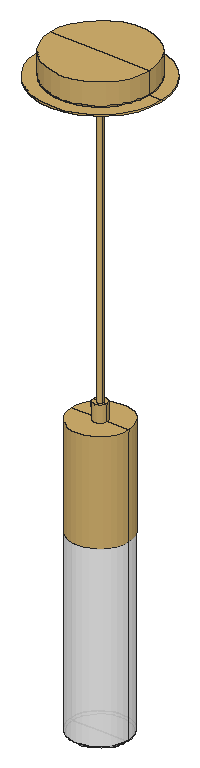
Revit family "3-69 Spirit Pendant", category Lighting Fixtures, host Ceiling, Revit 2018
Family settings
  Host = Ceiling
  Round Connector Dimension = Use Diameter
  Part Type = Normal
  OmniClass Number = 23.80.70.11
  OmniClass Title = Luminaries for Internal Lighting
  Always vertical = Yes
  Cut with Voids When Loaded = No
  Light Source = Yes
  Shared = No
  Room Calculation Point = No
Parameters (values of type "3-69-6 / White - Clear Bubble Glass")
  Wattage Comments = "7.0 W at 120 V"  # constant formula
  Wattage = 7 W
  built-in parameter 1150110 = 1 (stored number, unit not read)
  Voltage Input = "120 V or 277 V - 50/60 Hz"  # constant formula
  Voltage = 120 V
  URL = "www.oxygenlighting.com"
  built-in parameter 1114217 = 1 (stored number, unit not read)
  Tilt Angle = 90.00°  # constant formula
  built-in parameter 1150109 = 1 (stored number, unit not read)
  built-in parameter 1150134 = (empty or 0)
  built-in parameter 1150113 = 1 (stored number, unit not read)
  References = "Ref. 3 = 120 V / Ref. 37 = 277 V"  # constant formula
  Photometric Web File = "3-69-40 Spirit Pendant.ies"
  Model = "3-69-xxxx-Spirit (Pendant)"  # constant formula
  Metal Finish = 40 - Aged Brass
  Manufacturer = "Oxygen - Lighting & Fans"  # constant formula
  Main Diffuser = Clear Bubble Glass
  Lumens = 427 lm
  built-in parameter 1150115 = 1 (stored number, unit not read)
  built-in parameter 1150105 = 33.98 (stored number, unit not read)
  built-in parameter 1150137 = (empty or 0)
  built-in parameter 1150139 = (empty or 0)
  built-in parameter 1150112 = 1 (stored number, unit not read)
  built-in parameter 1150114 = 1 (stored number, unit not read)
  Lamp = "LED"  # constant formula
  built-in parameter 1150132 = (empty or 0)
  built-in parameter 1150102 = (empty or 0)
  built-in parameter 1150138 = (empty or 0)
  built-in parameter 1150107 = 3000 (stored number, unit not read)
  built-in parameter 1150106 = 0.3398 (stored number, unit not read)
  Hang Lenght [instance] = 15.00"
  built-in parameter 1150104 = 5.6671 (stored number, unit not read)
  Dimming Lamp Color Temperature Shift = <None>
  Color Filter = 16777215
  built-in parameter 1114218 = 1 (stored number, unit not read)
  built-in parameter 1150133 = 10 (stored number, unit not read)
Types (17): name | built-in parameter 1150134 | Metal Finish | built-in parameter 1150107
  (no name) | (empty or 0) | 40 - Aged Brass | 3000 (stored number, unit not read)
  3-69-15 / Black - Clear Bubble Glass | (empty or 0) | 15 - Black | 3000 (stored number, unit not read)
  3-69-24 / Satin Nickel - Clear Bubble Glass | (empty or 0) | 24 - Satin Nickel | 3000 (stored number, unit not read)
  3-69-40 / Aged Brass - Clear Bubble Glass | (empty or 0) | 40 - Aged Brass | 3000 (stored number, unit not read)
  3-69-6 / White - Clear Bubble Glass | (empty or 0) | 40 - Aged Brass | 3000 (stored number, unit not read)
  3-69-2715 / Black - Clear Bubble Glass | (empty or 0) | 15 - Black | 2700 (stored number, unit not read)
  3-69-2724 / Satin Nickel - Clear Bubble Glass | (empty or 0) | 24 - Satin Nickel | 2700 (stored number, unit not read)
  3-69-2740 / Aged Brass - Clear Bubble Glass | (empty or 0) | 40 - Aged Brass | 2700 (stored number, unit not read)
  3-69-276 / White - Clear Bubble Glass | (empty or 0) | 40 - Aged Brass | 2700 (stored number, unit not read)
  3-69-3515 / Black - Clear Bubble Glass | (empty or 0) | 15 - Black | 3500 (stored number, unit not read)
  3-69-3524 / Satin Nickel - Clear Bubble Glass | (empty or 0) | 24 - Satin Nickel | 3500 (stored number, unit not read)
  3-69-3540 / Aged Brass - Clear Bubble Glass | (empty or 0) | 40 - Aged Brass | 3500 (stored number, unit not read)
  3-69-356 / White - Clear Bubble Glass | (empty or 0) | 40 - Aged Brass | 3500 (stored number, unit not read)
  3-69-4015 / Black - Clear Bubble Glass | 12 | 15 - Black | 4000 (stored number, unit not read)
  3-69-4024 / Satin Nickel - Clear Bubble Glass | 12 | 24 - Satin Nickel | 4000 (stored number, unit not read)
  3-69-406 / White - Clear Bubble Glass | 12 | 40 - Aged Brass | 4000 (stored number, unit not read)
  3-69-4040 / Aged Brass - Clear Bubble Glass | 12 | 40 - Aged Brass | 4000 (stored number, unit not read)
Reference planes (in)
  plane 1 "Light Source Axis (F/B)": y = 0
  plane 2 "Ceiling": z = 96
  plane 3 "Light Source Axis (L/R)": x = 0
  plane 4 "Light Source Elevation": z = 71.5
  plane 5: z = 81
Forms (in)
  Revolve 1, solid, material "40 - Aged Brass" <- "Metal Finish"
    sketch origin (0, 0, 0) x (1, 0, 0) y (0, 0, 1)
      loop
        line (-2.3622, 96) -> (-2.3622, 94.97638)
        arc (-2.3622, 94.97638) -> (-2.35067, 94.94854) -> (-2.32283, 94.93701) r 0.03937
        line (-2.32283, 94.93701) -> (-2.95276, 94.93701) -> (-2.95276, 94.87795) -> (-0.31496, 94.87795) -> (-0.31496, 94.12992) -> (0, 94.12992) -> (0, 96) -> (-2.3622, 96)
      axis (0, 96) -> (0, 94.12992)
    angle from 0 to 360
  Revolve 2, solid, material "40 - Aged Brass" <- "Metal Finish"
    sketch origin (0, 0, 0) x (1, 0, 0) y (0, 0, 1)
      loop
        line (0, 81) -> (0, 94.12992) -> (-0.1378, 94.12992) -> (-0.1378, 81) -> (0, 81)
      axis (0, 81) -> (0, 94.12992)
    angle from 0 to 360
  Revolve 3, solid, material "40 - Aged Brass" <- "Metal Finish"
    sketch origin (0, 0, 0) x (1, 0, 0) y (0, 0, 1)
      loop
        line (0, 81) -> (-0.31496, 81) -> (-0.31496, 80.25197) -> (-1.37795, 80.25197) -> (-1.37795, 75.44882) -> (0, 75.44882) -> (0, 81)
      axis (0, 75.44882) -> (0, 81)
    angle from 0 to 360
  Revolve 4, solid
    sketch origin (0, 0, 0) x (1, 0, 0) y (0, 0, 1)
      loop
        line (-0.31496, 80.92126) -> (-0.3622, 80.92126) -> (-0.3937, 80.88976) -> (-0.3937, 80.80315) -> (-0.31496, 80.80315) -> (-0.31496, 80.92126)
      axis (-0.3937, 80.80315) -> (-0.31496, 80.80315)
    angle from 0 to 360
  Revolve 5, solid, material "Clear Bubble Glass" <- "Main Diffuser"
    sketch origin (0, 0, 0) x (1, 0, 0) y (0, 0, 1)
      loop
        line (0, 66.86614) -> (0, 75.44882) -> (-1.37795, 75.44882) -> (-1.37795, 66.94488)
        arc (-1.37795, 66.94488) -> (-1.35489, 66.8892) -> (-1.29921, 66.86614) r 0.07874
        line (-1.29921, 66.86614) -> (0, 66.86614)
      axis (0, 66.86614) -> (0, 75.44882)
    angle from 0 to 360
Dimensions and locks (in)
  equal spacing: host sketch curve, plane 3 "Light Source Axis (L/R)", host sketch curve
  equal spacing: host sketch curve, plane 1 "Light Source Axis (F/B)", host sketch curve
  host sketch curve to host sketch curve = 120.00"  (x2)
  locked: Revolve 1 sketch curve to Revolve 1 sketch curve at 0.31496
  locked: Revolve 1 sketch curve to Revolve 1 sketch curve at 1.06299
  locked: Revolve 1 sketch curve to Revolve 1 sketch curve at 0.05906
  locked: Revolve 1 sketch curve to Revolve 1 sketch curve at 1.87008
  "Hang Lenght": plane 5 to plane 2 "Ceiling"
  locked: plane 4 "Light Source Elevation" to plane 5 at 9.5
  locked: Revolve 3 sketch curve to plane 5 at 5.55118
  locked: imposter light to Revolve 3 sketch curve at 1.37795
  locked: Revolve 3 sketch curve to plane 5 at 0.74803
  locked: Revolve 4 sketch curve to plane 5 at 0.19685
  locked: Revolve 4 sketch curve to imposter light at 0.31496
  locked: Revolve 4 sketch curve to Revolve 4 sketch curve at 0.07874
  locked: imposter light to Revolve 5 sketch curve at 1.37795
  locked: Revolve 5 sketch curve to Revolve 3 at 8.58268
  aligned and locked: plane 3 "Light Source Axis (L/R)" to imposter light
  aligned and locked: plane 1 "Light Source Axis (F/B)" to imposter light
  aligned and locked: plane 4 "Light Source Elevation" to imposter light
  aligned and locked: Revolve 1 sketch curve to imposter light
  aligned and locked: Revolve 1 sketch curve to Revolve 1 sketch curve
  aligned and locked: Revolve 1 sketch curve to host ceiling
  aligned and locked: Revolve 2 sketch curve to plane 3 "Light Source Axis (L/R)"
  aligned and locked: Revolve 1 to Revolve 2
  aligned and locked: plane 5 to Revolve 2
  aligned and locked: Revolve 3 sketch curve to imposter light
  aligned and locked: plane 5 to Revolve 3
  aligned and locked: Revolve 5 sketch curve to imposter light
  aligned and locked: Revolve 5 sketch curve to Revolve 3
Automatic sketch dimensions
  Revolve 1 sketch curve to Revolve 1 sketch curve = 2.00787"
  Revolve 1 sketch curve to Revolve 1 sketch curve = 0.03937"  (x2)
  Revolve 1 sketch curve to Revolve 1 sketch curve = 0.59055"
  Revolve 1 sketch curve to Revolve 1 sketch curve = 0.00"
  plane 4 "Light Source Elevation" to Revolve 1 sketch curve = 6.00"
  Revolve 1 sketch curve to Revolve 1 sketch curve = 1.50"
  Revolve 2 sketch curve to plane 3 "Light Source Axis (L/R)" = 0.00"
  Revolve 2 sketch curve to Revolve 2 sketch curve = 0.1378"
  Revolve 2 sketch curve to plane 2 "Ceiling" = 1.87008"
  Revolve 2 sketch curve to Revolve 2 sketch curve = 13.12992"
  Revolve 2 sketch curve to level = 8.94462"
  plane 2 "Ceiling" to Revolve 2 sketch curve = 12.77302"
  Revolve 4 sketch curve to Revolve 4 sketch curve = 0.0315"  (x2)
  Revolve 4 sketch curve to Revolve 4 sketch curve = 0.08661"
  Revolve 4 sketch curve to Revolve 4 sketch curve = 0.10807"
  Revolve 4 sketch curve to Revolve 4 sketch curve = 0.07871"
  Revolve 4 sketch curve to Revolve 4 sketch curve = 0.00"
  Revolve 3 sketch curve to plane 5 = 0.00"
  Revolve 3 sketch curve to plane 3 "Light Source Axis (L/R)" = 0.00"
  Revolve 3 sketch curve to plane 3 "Light Source Axis (L/R)" = 0.31496"
  plane 4 "Light Source Elevation" to Revolve 3 sketch curve = 12.00"
  Revolve 3 sketch curve to Revolve 3 sketch curve = 6.98473"
  Revolve 5 sketch curve to plane 3 "Light Source Axis (L/R)" = 1.29921"
  plane 3 "Light Source Axis (L/R)" to Revolve 5 sketch curve = 0.00"
  Revolve 5 sketch curve to plane 5 = 2.50"
  Revolve 5 sketch curve to Revolve 5 sketch curve = 7.36614"
Connectors (in)
  electrical at (0, 0, 96), driven by "Voltage"
    settings: on host ceiling, index 1, voltage 120 V, apparent load 0 VA, apparent load phase1 0 VA, apparent load phase2 0 VA, apparent load phase3 0 VA, power factor 1, load classification "Other", number of poles 1, system type 31, power factor state 1, is connector primary yes, connector utility no, sub classification motor no, connector description ""
